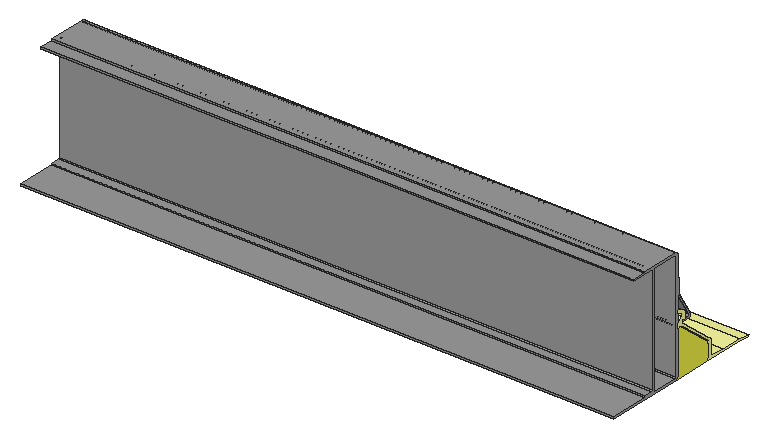
Revit family "HT HD 150", category Generic Models, Revit 2014
Parameters (values of type "Max lintel length 3600mm")
  URL = "http://www.keystonelintels.co.uk"
  Structural Opening [instance] = 900 mm
  Structural Performance = "The Keystone lintel range has safe working loads as detailed in each applicable loading table in the Keystone Lintel Guide brochure. The structural performance figures within each table have been ascertained by testing in accordance with the requirements of standards BS EN 5977-2: 1983 and BS EN 845-2: 2003."
  RIBA Productor Selector = "available for Keystone Lintels Ltd from Keystone Lintels Ltd from ribaproductselector.com"
  Model = "HT/HD 150"
  Min Length = 600 mm
  Min Clear Span = 300 mm
  Max Length = 3600 mm
  Max Clear Span = 3600 mm
  Material - Stainless Steel = "Grade 304 2b 1.4307 to BS EN 10088-2. Other grades available on request: contact manufacturer."
  Material - Galvanised Steel = "To BS EN 10346: 2009. DX51D plus Z600 or grade Z275 to BS 5977-2: 1983 (BS EN 845-2: 2003)."
  Manufacturer = "Keystone"
  Manufactured Length [instance] = (roundup(Effective Length / 150 mm) * 150 mm)  # 1200 mm
  Lintel height [instance] = 2100 mm
  Keynote = "F30/755"
  Fire Performance = "Keystone lintels have been subjected to a fire test (WARRES No. 101263) in accordance with BS 476-20: 1987, at Exova Warrington Fire and achieved a one hour fire performance."
  End Bearing = 150 mm
  Effective Length [instance] = Clear Opening with MIN MAX set + End Bearing * 2  # 1200 mm
  Corrosion = "Keystone’s standard range of lintels are manufactured from high quality grade pre-galvanized carbon steel with a zinc coating of 600"
  Contact Tel = "+44 (0)28 8676 2184"
  Contact Email = "info@keystonelintels.co.uk"
  Clear Opening with MIN MAX set [instance] = if(Structural Opening < Min Clear Span, Min Clear Span, (if(Structural Opening > Max Clear Span, Max Clear Span, Structural Opening)))  # 900 mm
  CPD Information = "Available for Keystone Lintels Ltd from ribacpd.com"
Reference planes
  plane 1 "Center (Front/Back)": y = 0
  plane 2: z = 0
  plane 3 "Center (Left/Right)": x = 0
  plane 4: x = -600
  plane 5: x = 600
  plane 6: z = 2100
  plane 7: x = -450
  plane 8: x = 450
Forms (mm)
  Extrusion 1, solid, material "GRP"
    sketch origin (0, 684.052, -495.729) x (0, 1, 0) y (0, 0, 1)
      loop
        line (-546.723, 2593.753) -> (-546.434, 2596.739) -> (-566.931, 2598.729) -> (-608.516, 2598.729) -> (-639.206, 2602.188)
        arc (-639.206, 2602.188) -> (-641.137, 2603.158) -> (-641.915, 2605.174) r 3
        line (-641.915, 2605.174) -> (-641.915, 2628.455)
        arc (-641.915, 2628.455) -> (-642.878, 2632.736) -> (-645.58, 2636.192) r 10
        line (-645.58, 2636.192) -> (-714.832, 2692.889)
        arc (-714.832, 2692.889) -> (-715.384, 2693.482) -> (-715.757, 2694.201) r 3
        line (-715.757, 2694.201) -> (-715.757, 2698.21) -> (-707.796, 2698.21) -> (-707.796, 2708.634)
        arc (-707.796, 2708.634) -> (-708.83, 2712.295) -> (-711.626, 2714.875) r 7
        line (-711.626, 2714.875) -> (-725.242, 2721.792)
        arc (-725.242, 2721.792) -> (-726.298, 2721.697) -> (-726.675, 2720.706) r 1
        line (-726.675, 2720.706) -> (-725.715, 2715.863) -> (-716.48, 2711.172)
        arc (-716.48, 2711.172) -> (-714.613, 2708.626) -> (-715.555, 2705.613) r 3.5
        line (-715.555, 2705.613) -> (-724.715, 2696.181) -> (-724.715, 2690.589)
        arc (-724.715, 2690.589) -> (-724.129, 2689.175) -> (-722.715, 2688.589) r 2
        line (-722.715, 2688.589) -> (-718.141, 2688.589)
        arc (-718.141, 2688.589) -> (-684.052, 2662.53) -> (-651.996, 2634.009) r 576.819
        arc (-651.996, 2634.009) -> (-647.127, 2626.785) -> (-645.893, 2618.161) r 19.484
        line (-645.893, 2618.161) -> (-646.934, 2605.677) -> (-646.934, 2598.729)
        arc (-646.934, 2598.729) -> (-648.469, 2597.229) -> (-646.934, 2595.729) r 1.5
        line (-646.934, 2595.729) -> (-567.076, 2595.729) -> (-546.723, 2593.753)
    from -600 to 600
  Extrusion 2, solid, material "Steel"
    sketch origin (0, 684.052, -495.729) x (0, 1, 0) y (0, 0, 1)
      loop
        arc (-731.042, 2595.729) -> (-727.225, 2597.312) -> (-725.642, 2601.129) r 5.405
        line (-725.642, 2601.129) -> (-725.642, 2749.168) -> (-696.514, 2701.607)
        arc (-696.514, 2701.607) -> (-696.339, 2698.516) -> (-698.991, 2696.918) r 2.999
        line (-698.991, 2696.918) -> (-715.757, 2696.918) -> (-715.757, 2694.418) -> (-698.991, 2694.418)
        arc (-698.991, 2694.418) -> (-694.146, 2697.317) -> (-694.409, 2702.957) r 5.499
        line (-694.409, 2702.957) -> (-723.142, 2750.109) -> (-723.142, 2777.856) -> (-725.642, 2777.856) -> (-725.642, 2821.329)
        arc (-725.642, 2821.329) -> (-727.223, 2825.147) -> (-731.042, 2826.729) r 5.4
        line (-731.042, 2826.729) -> (-807.915, 2826.729) -> (-807.915, 2823.829) -> (-835.015, 2823.829) -> (-835.015, 2821.329) -> (-789.513, 2821.329)
        arc (-789.513, 2821.329) -> (-788.099, 2820.743) -> (-787.515, 2819.329) r 2
        line (-787.515, 2819.329) -> (-787.515, 2603.129)
        arc (-787.515, 2603.129) -> (-788.101, 2601.715) -> (-789.515, 2601.129) r 2
        line (-789.515, 2601.129) -> (-807.515, 2601.129) -> (-807.515, 2598.628) -> (-887.539, 2598.628) -> (-887.539, 2595.729) -> (-731.042, 2595.729)
      loop
        arc (-785.016, 2602.628) -> (-786.164, 2599.823) -> (-788.95, 2598.629) r 3.999
        line (-788.95, 2598.629) -> (-731.042, 2598.629)
        arc (-731.042, 2598.629) -> (-729.276, 2599.364) -> (-728.542, 2601.129) r 2.509
        line (-728.542, 2601.129) -> (-728.542, 2821.329)
        arc (-728.542, 2821.329) -> (-729.274, 2823.097) -> (-731.042, 2823.829) r 2.5
        line (-731.042, 2823.829) -> (-789.015, 2823.829)
        arc (-789.015, 2823.829) -> (-786.168, 2822.639) -> (-785.016, 2819.776) r 4
        line (-785.016, 2819.776) -> (-785.016, 2602.628)
    from -600 to 600
  Extrusion 3, solid, material "Insulation"
    sketch origin (0, 684.052, -495.729) x (0, 1, 0) y (0, 0, 1)
      loop
        line (-731.042, 2595.729) -> (-646.934, 2595.729)
        arc (-646.934, 2595.729) -> (-648.469, 2597.229) -> (-646.934, 2598.729) r 1.5
        line (-646.934, 2598.729) -> (-646.934, 2605.677) -> (-645.893, 2618.161)
        arc (-645.893, 2618.161) -> (-647.127, 2626.785) -> (-651.996, 2634.009) r 19.484
        arc (-651.996, 2634.009) -> (-684.052, 2662.53) -> (-718.141, 2688.589) r 576.819
        line (-718.141, 2688.589) -> (-725.642, 2688.589) -> (-725.642, 2601.129)
        arc (-725.642, 2601.129) -> (-727.225, 2597.312) -> (-731.042, 2595.729) r 5.405
    from -600 to 600
  Extrusion 4, solid, not visible
    sketch origin (0, 857.351, 1228.378) x (0, 1, 0) y (0, 0, 1)
      loop
        line (-546.723, 993.753) -> (-546.434, 996.739) -> (-566.931, 998.729) -> (-608.516, 998.781) -> (-639.206, 1002.188)
        arc (-639.206, 1002.188) -> (-641.137, 1003.158) -> (-641.915, 1005.174) r 3
        line (-641.915, 1005.174) -> (-641.915, 1028.455)
        arc (-641.915, 1028.455) -> (-642.878, 1032.736) -> (-645.58, 1036.192) r 10
        line (-645.58, 1036.192) -> (-714.832, 1092.889)
        arc (-714.832, 1092.889) -> (-715.384, 1093.482) -> (-715.757, 1094.201) r 3
        line (-715.757, 1094.201) -> (-715.757, 1098.21) -> (-707.796, 1098.21) -> (-707.796, 1108.634)
        arc (-707.796, 1108.634) -> (-708.83, 1112.295) -> (-711.626, 1114.875) r 7
        line (-711.626, 1114.875) -> (-725.242, 1121.792)
        arc (-725.242, 1121.792) -> (-726.298, 1121.697) -> (-726.675, 1120.706) r 1
        line (-726.675, 1120.706) -> (-725.715, 1115.863) -> (-716.48, 1111.172)
        arc (-716.48, 1111.172) -> (-714.613, 1108.626) -> (-715.555, 1105.613) r 3.5
        line (-715.555, 1105.613) -> (-724.715, 1096.181) -> (-724.715, 1090.589)
        arc (-724.715, 1090.589) -> (-724.129, 1089.175) -> (-722.715, 1088.589) r 2
        line (-722.715, 1088.589) -> (-718.141, 1088.589)
        arc (-718.141, 1088.589) -> (-684.052, 1062.53) -> (-651.996, 1034.009) r 576.819
        arc (-651.996, 1034.009) -> (-647.127, 1026.785) -> (-645.893, 1018.161) r 19.484
        line (-645.893, 1018.161) -> (-646.934, 1005.677) -> (-646.934, 998.729)
        arc (-646.934, 998.729) -> (-648.469, 997.229) -> (-646.934, 995.729) r 1.5
        line (-646.934, 995.729) -> (-567.076, 995.729) -> (-546.723, 993.753)
    from 0 to 250
  Extrusion 5, solid, not visible
    sketch origin (0, 536.14, 1280.32) x (0, 1, 0) y (0, 0, 1)
      loop
        arc (-731.042, 995.729) -> (-727.225, 997.312) -> (-725.642, 1001.129) r 5.405
        line (-725.642, 1001.129) -> (-725.642, 1149.168) -> (-696.514, 1101.607)
        arc (-696.514, 1101.607) -> (-696.339, 1098.516) -> (-698.991, 1096.918) r 2.999
        line (-698.991, 1096.918) -> (-715.757, 1096.918) -> (-715.757, 1094.418) -> (-698.991, 1094.418)
        arc (-698.991, 1094.418) -> (-694.146, 1097.317) -> (-694.409, 1102.957) r 5.499
        line (-694.409, 1102.957) -> (-723.142, 1150.109) -> (-723.142, 1177.856) -> (-725.642, 1177.856) -> (-725.642, 1221.329)
        arc (-725.642, 1221.329) -> (-727.223, 1225.147) -> (-731.042, 1226.729) r 5.4
        line (-731.042, 1226.729) -> (-807.915, 1226.729) -> (-807.915, 1223.829) -> (-835.015, 1223.829) -> (-835.015, 1221.329) -> (-789.513, 1221.329)
        arc (-789.513, 1221.329) -> (-788.099, 1220.743) -> (-787.515, 1219.329) r 2
        line (-787.515, 1219.329) -> (-787.515, 1003.129)
        arc (-787.515, 1003.129) -> (-788.101, 1001.715) -> (-789.515, 1001.129) r 2
        line (-789.515, 1001.129) -> (-807.515, 1001.129) -> (-807.515, 998.628) -> (-887.539, 998.628) -> (-887.539, 995.729) -> (-731.042, 995.729)
      loop
        arc (-785.016, 1002.628) -> (-786.164, 999.823) -> (-788.95, 998.629) r 3.999
        line (-788.95, 998.629) -> (-731.042, 998.629)
        arc (-731.042, 998.629) -> (-729.276, 999.364) -> (-728.542, 1001.129) r 2.509
        line (-728.542, 1001.129) -> (-728.542, 1221.329)
        arc (-728.542, 1221.329) -> (-729.274, 1223.097) -> (-731.042, 1223.829) r 2.5
        line (-731.042, 1223.829) -> (-789.015, 1223.829)
        arc (-789.015, 1223.829) -> (-786.168, 1222.639) -> (-785.016, 1219.776) r 4
        line (-785.016, 1219.776) -> (-785.016, 1002.628)
    from 0 to 250
  Extrusion 6, solid, not visible
    sketch origin (0, 848.844, 887.371) x (0, 1, 0) y (0, 0, 1)
      loop
        line (-731.042, 995.729) -> (-646.934, 995.729)
        arc (-646.934, 995.729) -> (-648.469, 997.229) -> (-646.934, 998.729) r 1.5
        line (-646.934, 998.729) -> (-646.934, 1005.677) -> (-645.893, 1018.161)
        arc (-645.893, 1018.161) -> (-647.127, 1026.785) -> (-651.996, 1034.009) r 19.484
        arc (-651.996, 1034.009) -> (-684.052, 1062.53) -> (-718.141, 1088.589) r 576.819
        line (-718.141, 1088.589) -> (-725.642, 1088.589) -> (-725.642, 1001.129)
        arc (-725.642, 1001.129) -> (-727.225, 997.312) -> (-731.042, 995.729) r 5.405
    from 0 to 250
Dimensions and locks
  equal spacing: plane 4, plane 3 "Center (Left/Right)", plane 5
  "Manufactured Length": plane 4 to plane 5
  "Lintel height": plane 6 to level
  "Structural Opening": plane 7 to plane 8
  equal spacing: plane 7, plane 3 "Center (Left/Right)", plane 8
  aligned and locked: level to plane 2
  aligned and locked: Extrusion 1 to plane 6
  aligned and locked: Extrusion 3 to plane 6
  aligned and locked: Extrusion 2 to plane 6
  aligned and locked: plane 5 to Extrusion 2
  aligned and locked: Extrusion 2 to plane 4
  aligned and locked: plane 5 to Extrusion 1
  aligned and locked: Extrusion 1 to plane 4
  aligned and locked: plane 5 to Extrusion 3
  aligned and locked: Extrusion 3 to plane 4
Automatic sketch dimensions
  Extrusion 1 sketch curve to Extrusion 1 sketch curve = 20.353 mm
  Extrusion 1 sketch curve to Extrusion 1 sketch curve = 0.29 mm
  Extrusion 1 sketch curve to Extrusion 1 sketch curve = 1.976 mm
  Extrusion 1 sketch curve to Extrusion 1 sketch curve = 2.986 mm  (x2)
  Extrusion 1 sketch curve to Extrusion 1 sketch curve = 0.145 mm
  Extrusion 1 sketch curve to Extrusion 1 sketch curve = 3 mm  (x2)
  Extrusion 1 sketch curve to Extrusion 1 sketch curve = 41.44 mm
  Extrusion 1 sketch curve to Extrusion 1 sketch curve = 38.418 mm
  Extrusion 1 sketch curve to Extrusion 1 sketch curve = 0.035 mm  (x2)
  Extrusion 1 sketch curve to Extrusion 1 sketch curve = 1.5 mm
  Extrusion 1 sketch curve to Extrusion 1 sketch curve = 7.727 mm
  Extrusion 1 sketch curve to Extrusion 1 sketch curve = 3.459 mm
  Extrusion 1 sketch curve to Extrusion 1 sketch curve = 0.291 mm
  Extrusion 1 sketch curve to Extrusion 1 sketch curve = 23.281 mm
  Extrusion 1 sketch curve to Extrusion 1 sketch curve = 0.503 mm
  Extrusion 1 sketch curve to Extrusion 1 sketch curve = 3.978 mm
  Extrusion 1 sketch curve to Extrusion 1 sketch curve = 10.293 mm
  Extrusion 1 sketch curve to Extrusion 1 sketch curve = 19.416 mm
  Extrusion 1 sketch curve to Extrusion 1 sketch curve = 1.622 mm
  Extrusion 1 sketch curve to Extrusion 1 sketch curve = 10.081 mm
  Extrusion 1 sketch curve to Extrusion 1 sketch curve = 0.081 mm
  Extrusion 1 sketch curve to Extrusion 1 sketch curve = 6.415 mm
  Extrusion 1 sketch curve to Extrusion 1 sketch curve = 404.24 mm
  Extrusion 1 sketch curve to Extrusion 1 sketch curve = 378.106 mm
  Extrusion 1 sketch curve to Extrusion 1 sketch curve = 66.145 mm
  Extrusion 1 sketch curve to Extrusion 1 sketch curve = 3.308 mm
  Extrusion 1 sketch curve to Extrusion 1 sketch curve = 4.3 mm
  Extrusion 1 sketch curve to Extrusion 1 sketch curve = 4.575 mm
  Extrusion 1 sketch curve to Extrusion 1 sketch curve = 2 mm
  Extrusion 1 sketch curve to Extrusion 1 sketch curve = 5.592 mm
  Extrusion 1 sketch curve to Extrusion 1 sketch curve = 0.722 mm
  Extrusion 1 sketch curve to Extrusion 1 sketch curve = 12.724 mm
  Extrusion 1 sketch curve to Extrusion 1 sketch curve = 1.9 mm
  Extrusion 1 sketch curve to Extrusion 1 sketch curve = 2.321 mm
  Extrusion 1 sketch curve to Extrusion 1 sketch curve = 0.925 mm
  Extrusion 1 sketch curve to Extrusion 1 sketch curve = 4.009 mm
  Extrusion 1 sketch curve to Extrusion 1 sketch curve = 5.136 mm
  Extrusion 1 sketch curve to Extrusion 1 sketch curve = 3.021 mm
  Extrusion 1 sketch curve to Extrusion 1 sketch curve = 2.511 mm
  Extrusion 1 sketch curve to Extrusion 1 sketch curve = 2.438 mm
  Extrusion 1 sketch curve to Extrusion 1 sketch curve = 1.585 mm
  Extrusion 1 sketch curve to Extrusion 1 sketch curve = 1.684 mm
  Extrusion 1 sketch curve to Extrusion 1 sketch curve = 4.854 mm
  Extrusion 1 sketch curve to Extrusion 1 sketch curve = 9.235 mm
  Extrusion 1 sketch curve to Extrusion 1 sketch curve = 4.691 mm
  Extrusion 1 sketch curve to Extrusion 1 sketch curve = 0.474 mm
  Extrusion 1 sketch curve to Extrusion 1 sketch curve = 5.928 mm
  Extrusion 1 sketch curve to Extrusion 1 sketch curve = 0.453 mm
  Extrusion 1 sketch curve to Extrusion 1 sketch curve = 0.892 mm
  Extrusion 1 sketch curve to Extrusion 1 sketch curve = 0.981 mm
  Extrusion 2 sketch curve to Extrusion 2 sketch curve = 156.497 mm
  Extrusion 2 sketch curve to Extrusion 2 sketch curve = 2.899 mm
  Extrusion 2 sketch curve to Extrusion 2 sketch curve = 76.474 mm
  Extrusion 2 sketch curve to Extrusion 2 sketch curve = 18 mm
  Extrusion 2 sketch curve to Extrusion 2 sketch curve = 0.5 mm  (x2)
  Extrusion 2 sketch curve to Extrusion 2 sketch curve = 3.999 mm
  Extrusion 2 sketch curve to Extrusion 2 sketch curve = 0.501 mm
  Extrusion 2 sketch curve to Extrusion 2 sketch curve = 216.647 mm
  Extrusion 2 sketch curve to Extrusion 2 sketch curve = 2.501 mm
  Extrusion 2 sketch curve to Extrusion 2 sketch curve = 2.5 mm  (x5)
  Extrusion 2 sketch curve to Extrusion 2 sketch curve = 0 mm  (x10)
  Extrusion 2 sketch curve to Extrusion 2 sketch curve = 0.447 mm
  Extrusion 2 sketch curve to Extrusion 2 sketch curve = 1.499 mm
  Extrusion 2 sketch curve to Extrusion 2 sketch curve = 0.005 mm
  Extrusion 2 sketch curve to Extrusion 2 sketch curve = 2.505 mm  (x2)
  Extrusion 2 sketch curve to Extrusion 2 sketch curve = 5.405 mm
  Extrusion 2 sketch curve to Extrusion 2 sketch curve = 0.004 mm  (x2)
  Extrusion 2 sketch curve to Extrusion 2 sketch curve = 1.553 mm
  Extrusion 2 sketch curve to Extrusion 2 sketch curve = 72.161 mm
  Extrusion 2 sketch curve to Extrusion 2 sketch curve = 27.747 mm
  Extrusion 2 sketch curve to Extrusion 2 sketch curve = 26.628 mm
  Extrusion 2 sketch curve to Extrusion 2 sketch curve = 2.105 mm
  Extrusion 2 sketch curve to Extrusion 2 sketch curve = 48.502 mm
  Extrusion 2 sketch curve to Extrusion 2 sketch curve = 1.35 mm
  Extrusion 2 sketch curve to Extrusion 2 sketch curve = 0.941 mm
  Extrusion 2 sketch curve to Extrusion 2 sketch curve = 2.478 mm
  Extrusion 2 sketch curve to Extrusion 2 sketch curve = 1.69 mm
  Extrusion 2 sketch curve to Extrusion 2 sketch curve = 16.766 mm
  Extrusion 2 sketch curve to Extrusion 2 sketch curve = 45.502 mm
  Extrusion 2 sketch curve to Extrusion 2 sketch curve = 0.498 mm  (x2)
  Extrusion 2 sketch curve to Extrusion 2 sketch curve = 18.401 mm
  Extrusion 2 sketch curve to Extrusion 2 sketch curve = 1.998 mm
  Extrusion 2 sketch curve to Extrusion 2 sketch curve = 0.002 mm
  Extrusion 3 sketch curve to Extrusion 3 sketch curve = 0.005 mm  (x2)
  Extrusion 3 sketch curve to Extrusion 3 sketch curve = 5.405 mm
  Extrusion 3 sketch curve to Extrusion 3 sketch curve = 5.4 mm
  Extrusion 3 sketch curve to Extrusion 3 sketch curve = 0 mm
  Extrusion 3 sketch curve to Extrusion 3 sketch curve = 87.46 mm
  Extrusion 3 sketch curve to Extrusion 3 sketch curve = 0.035 mm  (x2)
  Extrusion 3 sketch curve to Extrusion 3 sketch curve = 1.5 mm
  Extrusion 3 sketch curve to Extrusion 3 sketch curve = 6.948 mm
  Extrusion 3 sketch curve to Extrusion 3 sketch curve = 1.04 mm
  Extrusion 3 sketch curve to Extrusion 3 sketch curve = 12.485 mm
  Extrusion 3 sketch curve to Extrusion 3 sketch curve = 19.416 mm
  Extrusion 3 sketch curve to Extrusion 3 sketch curve = 1.622 mm
  Extrusion 3 sketch curve to Extrusion 3 sketch curve = 6.103 mm
  Extrusion 3 sketch curve to Extrusion 3 sketch curve = 320.132 mm
  Extrusion 3 sketch curve to Extrusion 3 sketch curve = 66.145 mm
  Extrusion 3 sketch curve to Extrusion 3 sketch curve = 7.501 mm
  Extrusion 4 sketch curve to Extrusion 4 sketch curve = 20.353 mm
  Extrusion 4 sketch curve to Extrusion 4 sketch curve = 0.29 mm
  Extrusion 4 sketch curve to Extrusion 4 sketch curve = 1.976 mm
  Extrusion 4 sketch curve to Extrusion 4 sketch curve = 2.986 mm  (x2)
  Extrusion 4 sketch curve to Extrusion 4 sketch curve = 0.145 mm
  Extrusion 4 sketch curve to Extrusion 4 sketch curve = 3 mm
  Extrusion 4 sketch curve to Extrusion 4 sketch curve = 41.44 mm
  Extrusion 4 sketch curve to Extrusion 4 sketch curve = 3.052 mm
  Extrusion 4 sketch curve to Extrusion 4 sketch curve = 38.418 mm
  Extrusion 4 sketch curve to Extrusion 4 sketch curve = 0.035 mm  (x2)
  Extrusion 4 sketch curve to Extrusion 4 sketch curve = 1.5 mm
  Extrusion 4 sketch curve to Extrusion 4 sketch curve = 7.727 mm
  Extrusion 4 sketch curve to Extrusion 4 sketch curve = 3.459 mm
  Extrusion 4 sketch curve to Extrusion 4 sketch curve = 0.291 mm
  Extrusion 4 sketch curve to Extrusion 4 sketch curve = 23.281 mm
  Extrusion 4 sketch curve to Extrusion 4 sketch curve = 0.503 mm
  Extrusion 4 sketch curve to Extrusion 4 sketch curve = 3.978 mm
  Extrusion 4 sketch curve to Extrusion 4 sketch curve = 10.293 mm
  Extrusion 4 sketch curve to Extrusion 4 sketch curve = 19.416 mm
  Extrusion 4 sketch curve to Extrusion 4 sketch curve = 1.622 mm
  Extrusion 4 sketch curve to Extrusion 4 sketch curve = 10.081 mm
  Extrusion 4 sketch curve to Extrusion 4 sketch curve = 0.081 mm
  Extrusion 4 sketch curve to Extrusion 4 sketch curve = 6.415 mm
  Extrusion 4 sketch curve to Extrusion 4 sketch curve = 404.24 mm
  Extrusion 4 sketch curve to Extrusion 4 sketch curve = 378.106 mm
  Extrusion 4 sketch curve to Extrusion 4 sketch curve = 66.145 mm
  Extrusion 4 sketch curve to Extrusion 4 sketch curve = 3.308 mm
  Extrusion 4 sketch curve to Extrusion 4 sketch curve = 4.3 mm
  Extrusion 4 sketch curve to Extrusion 4 sketch curve = 4.575 mm
  Extrusion 4 sketch curve to Extrusion 4 sketch curve = 2 mm
  Extrusion 4 sketch curve to Extrusion 4 sketch curve = 5.592 mm
  Extrusion 4 sketch curve to Extrusion 4 sketch curve = 0.722 mm
  Extrusion 4 sketch curve to Extrusion 4 sketch curve = 12.724 mm
  Extrusion 4 sketch curve to Extrusion 4 sketch curve = 1.9 mm
  Extrusion 4 sketch curve to Extrusion 4 sketch curve = 2.321 mm
  Extrusion 4 sketch curve to Extrusion 4 sketch curve = 0.925 mm
  Extrusion 4 sketch curve to Extrusion 4 sketch curve = 4.009 mm
  Extrusion 4 sketch curve to Extrusion 4 sketch curve = 5.136 mm
  Extrusion 4 sketch curve to Extrusion 4 sketch curve = 3.021 mm
  Extrusion 4 sketch curve to Extrusion 4 sketch curve = 2.511 mm
  Extrusion 4 sketch curve to Extrusion 4 sketch curve = 2.438 mm
  Extrusion 4 sketch curve to Extrusion 4 sketch curve = 1.585 mm
  Extrusion 4 sketch curve to Extrusion 4 sketch curve = 1.684 mm
  Extrusion 4 sketch curve to Extrusion 4 sketch curve = 4.854 mm
  Extrusion 4 sketch curve to Extrusion 4 sketch curve = 9.235 mm
  Extrusion 4 sketch curve to Extrusion 4 sketch curve = 4.691 mm
  Extrusion 4 sketch curve to Extrusion 4 sketch curve = 0.474 mm
  Extrusion 4 sketch curve to Extrusion 4 sketch curve = 5.928 mm
  Extrusion 4 sketch curve to Extrusion 4 sketch curve = 0.453 mm
  Extrusion 4 sketch curve to Extrusion 4 sketch curve = 0.892 mm
  Extrusion 4 sketch curve to Extrusion 4 sketch curve = 0.981 mm
  Extrusion 5 sketch curve to Extrusion 5 sketch curve = 156.497 mm
  Extrusion 5 sketch curve to Extrusion 5 sketch curve = 2.899 mm
  Extrusion 5 sketch curve to Extrusion 5 sketch curve = 76.474 mm
  Extrusion 5 sketch curve to Extrusion 5 sketch curve = 18 mm
  Extrusion 5 sketch curve to Extrusion 5 sketch curve = 0.5 mm  (x2)
  Extrusion 5 sketch curve to Extrusion 5 sketch curve = 3.999 mm
  Extrusion 5 sketch curve to Extrusion 5 sketch curve = 0.501 mm
  Extrusion 5 sketch curve to Extrusion 5 sketch curve = 216.647 mm
  Extrusion 5 sketch curve to Extrusion 5 sketch curve = 2.501 mm
  Extrusion 5 sketch curve to Extrusion 5 sketch curve = 2.5 mm  (x5)
  Extrusion 5 sketch curve to Extrusion 5 sketch curve = 0 mm  (x10)
  Extrusion 5 sketch curve to Extrusion 5 sketch curve = 0.447 mm
  Extrusion 5 sketch curve to Extrusion 5 sketch curve = 1.499 mm
  Extrusion 5 sketch curve to Extrusion 5 sketch curve = 0.005 mm
  Extrusion 5 sketch curve to Extrusion 5 sketch curve = 2.505 mm  (x2)
  Extrusion 5 sketch curve to Extrusion 5 sketch curve = 5.405 mm
  Extrusion 5 sketch curve to Extrusion 5 sketch curve = 0.004 mm  (x2)
  Extrusion 5 sketch curve to Extrusion 5 sketch curve = 1.553 mm
  Extrusion 5 sketch curve to Extrusion 5 sketch curve = 72.161 mm
  Extrusion 5 sketch curve to Extrusion 5 sketch curve = 27.747 mm
  Extrusion 5 sketch curve to Extrusion 5 sketch curve = 26.628 mm
  Extrusion 5 sketch curve to Extrusion 5 sketch curve = 2.105 mm
  Extrusion 5 sketch curve to Extrusion 5 sketch curve = 48.502 mm
  Extrusion 5 sketch curve to Extrusion 5 sketch curve = 1.35 mm
  Extrusion 5 sketch curve to Extrusion 5 sketch curve = 0.941 mm
  Extrusion 5 sketch curve to Extrusion 5 sketch curve = 2.478 mm
  Extrusion 5 sketch curve to Extrusion 5 sketch curve = 1.69 mm
  Extrusion 5 sketch curve to Extrusion 5 sketch curve = 16.766 mm
  Extrusion 5 sketch curve to Extrusion 5 sketch curve = 45.502 mm
  Extrusion 5 sketch curve to Extrusion 5 sketch curve = 0.498 mm  (x2)
  Extrusion 5 sketch curve to Extrusion 5 sketch curve = 18.401 mm
  Extrusion 5 sketch curve to Extrusion 5 sketch curve = 1.998 mm
  Extrusion 5 sketch curve to Extrusion 5 sketch curve = 0.002 mm
  Extrusion 6 sketch curve to Extrusion 6 sketch curve = 0.005 mm  (x2)
  Extrusion 6 sketch curve to Extrusion 6 sketch curve = 5.405 mm
  Extrusion 6 sketch curve to Extrusion 6 sketch curve = 5.4 mm
  Extrusion 6 sketch curve to Extrusion 6 sketch curve = 0 mm
  Extrusion 6 sketch curve to Extrusion 6 sketch curve = 87.46 mm
  Extrusion 6 sketch curve to Extrusion 6 sketch curve = 0.035 mm  (x2)
  Extrusion 6 sketch curve to Extrusion 6 sketch curve = 1.5 mm
  Extrusion 6 sketch curve to Extrusion 6 sketch curve = 6.948 mm
  Extrusion 6 sketch curve to Extrusion 6 sketch curve = 1.04 mm
  Extrusion 6 sketch curve to Extrusion 6 sketch curve = 12.485 mm
  Extrusion 6 sketch curve to Extrusion 6 sketch curve = 19.416 mm
  Extrusion 6 sketch curve to Extrusion 6 sketch curve = 1.622 mm
  Extrusion 6 sketch curve to Extrusion 6 sketch curve = 6.103 mm
  Extrusion 6 sketch curve to Extrusion 6 sketch curve = 320.132 mm
  Extrusion 6 sketch curve to Extrusion 6 sketch curve = 66.145 mm
  Extrusion 6 sketch curve to Extrusion 6 sketch curve = 7.501 mm
  Extrusion 2 sketch curve to plane 6 = 0 mm
  plane 1 "Center (Front/Back)" to Extrusion 2 sketch curve = 203.486 mm
  Extrusion 1 sketch curve to plane 6 = 0 mm
  plane 1 "Center (Front/Back)" to Extrusion 1 sketch curve = 367.121 mm
  Extrusion 3 sketch curve to plane 6 = 0 mm
  plane 1 "Center (Front/Back)" to Extrusion 3 sketch curve = 367.121 mm
